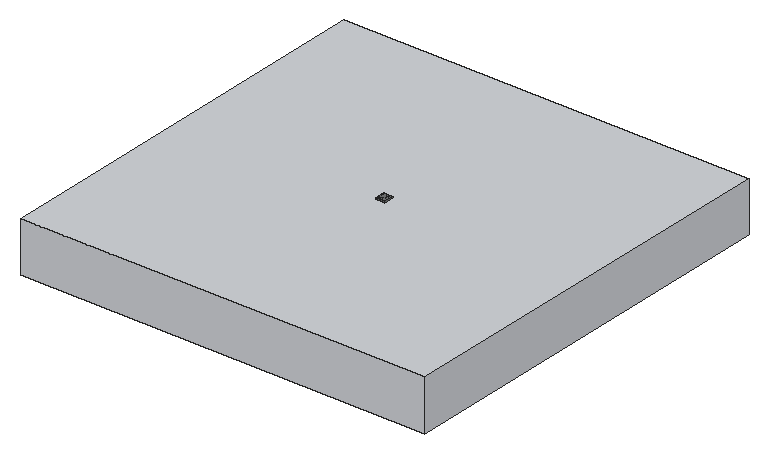
Revit family "Gira_027403", category Elektroinstallationen, Revit 2017
Family settings
  Basisbauteil = Fläche
  Beschriftungsausrichtung beibehalten = Nein
  Bemaßung runder Anschluss = Durchmesser verwenden
  Teiletyp = Normal
  Beim Laden mit Abzugskörper schneiden = Nein
  Gemeinsam genutzt = Nein
  Raumberechnungspunkt = Nein
Parameters
  Zusammenstellung = "Zentralplatte"
  Werkstoffgüte = "sonstige"
  Werkstoff = "Kunststoff"
  Verwendung = "sonstige"
  URL = "https://www.gira.de/"
  Typname = "Abd. Schnurableitung VDo System 55 Reinweiß"
  Typ Kontakt = "Öffner"
  Transparent = no
  Tragring = no
  Thermische Rückkopplung = "ohne"
  Temperatur ablesbar = no
  Sensor extern = no
  Schutzart (IP) = "IP20"
  Regelcharakteristik = "sonstige"
  RAL-Nummer (ähnlich) = 9010
  RAL-Nummer = 9010
  Produktseite = "http://katalog.gira.de/de_DE/datenblatt.html?artikelnr=027403"
  Oberfläche = "sonstige"
  Montageart = "Unterputz"
  Mit Zugentlastung = no
  Mit Trinkwasserschaltung = no
  Mit Staubschutz = no
  Mit Klappdeckel = no
  Mit Geräuschniveauanzeige = no
  Mit Empfänger = no
  Mit Display = no
  Mit Aufdruck = no
  Messbereich unterer Wert [m/s] = 5
  Messbereich oberer Wert [m/s] = 30
  Lüsterklemme = no
  Kühlen = no
  Hersteller = "Gira"
  Heizen = yes
  Halogenfrei = yes
  HAN = "027403"
  Geeignet für Schutzart (IP) = "IP20"
  GTIN = "4010337274032"
  Farbe = "weiß"
  Explosionsgeschützt = no
  Differenz verstellbar = no
  Datenblatt = "https://katalog.gira.de/de_DE/download.html?artikelnr=027403"
  Bussystem Powernet = no
  Bussystem LON = no
  Bussystem KNX-Funk = no
  Bussystem KNX = yes
  Bussystem Funkbus = no
  Beschriftungsfeld = "ohne Beschriftungsfeld"
  Beschreibung = "Abdeckung für Schnurableitung und Fernmeldeverbinderdose  Reinweiß glänzend Hinweise : - Passend für alle handelsüblichen Fernmeldeverbinderdosen."
  Befestigungsart = "Befestigung mit Schraube"
  Bedienung = "Dreh"
  Bauelement = "Sys55_Abdeckung_Schalten und Tasten"
  Default Elevation = 1219.2 mm
  BIM = "https://media.stage.bim.site/public/gira/876eb45/Sys55_Abdeckung_Schalten%20und%20Tasten.rfa?public/gira/876eb45/Sys55_Abdeckung_Schalten und Tasten.rfa"
  Ausführung der Oberfläche = "glänzend"
  Ausführung Aufnehmer/Fühler = "sonstige"
  Ausführung = "An/Aus"
  Art der Spannungsversorgung = "230 V AC"
  Anthrazit [instance] = Anthrazit
  Anschluss = "Zweidraht"
  Andere Bussysteme = "ohne"
Reference planes
  plane 1 "Center (Front/Back)": y = 0
  plane 2: z = 0
  plane 3 "Center (Left/Right)": x = 0
Forms (mm)
  Extrusion 1, solid
    sketch origin (0, 0, 0) x (1, 0, 0) y (0, 1, 0)
      loop
        line (-1219.2, 1219.2) -> (-1219.2, -1219.2) -> (1219.2, -1219.2) -> (1219.2, 1219.2) -> (-1219.2, 1219.2)
    from 0 to -304.8
  Extrusion 2, solid, material "Anthrazit" <- "Anthrazit", detail levels fine
    sketch origin (0, 0, 0) x (1, 0, 0) y (0, 1, 0)
      loop
        line (-27.5, 27.5) -> (-27.5, -27.5) -> (27.5, -27.5) -> (27.5, 27.5) -> (-27.5, 27.5)
    from 0 to 8
  Extrusion 3, void
    sketch origin (0, 0, 0) x (1, 0, 0) y (0, 1, 0)
      loop
        line (26, 26) -> (-26, 26) -> (-26, -26) -> (26, -26) -> (26, 26)
    from 0 to 6
  Extrusion 4, solid, material "Anthrazit" <- "Anthrazit", detail levels medium
    sketch origin (0, 0, 0) x (1, 0, 0) y (0, 1, 0)
      loop
        line (-27.5, 27.5) -> (-27.5, -27.5) -> (27.5, -27.5) -> (27.5, 27.5) -> (-27.5, 27.5)
    from 0 to 8
  Extrusion 5, solid, material "Anthrazit" <- "Anthrazit", detail levels medium
    sketch origin (0, 0, 0) x (1, 0, 0) y (0, 1, 0)
      loop
        line (11, -17.5) -> (11, 17.5) -> (-11, 17.5) -> (-11, -17.5) -> (11, -17.5)
    from -6 to 6
  Extrusion 6, solid, material "Anthrazit" <- "Anthrazit", detail levels fine
    sketch origin (0, 0, 0) x (1, 0, 0) y (0, 1, 0)
      loop
        line (11, 17.5) -> (-11, 17.5) -> (-11, 16.5) -> (11, 16.5) -> (11, 17.5)
      loop
        line (-11, -16.5) -> (-11, -17.5) -> (11, -17.5) -> (11, -16.5) -> (-11, -16.5)
    from -4 to 6
  Extrusion 7, solid, material "Anthrazit" <- "Anthrazit", detail levels fine
    sketch origin (0, 0, 0) x (1, 0, 0) y (0, 1, 0)
      loop
        arc (5, 9.347) -> (0, 10.6) -> (-5, 9.347) r 10.6
        line (-5, 9.347) -> (-5, -9.347)
        arc (-5, -9.347) -> (0, -10.6) -> (5, -9.347) r 10.6
        line (5, -9.347) -> (5, 9.347)
    from -6 to 6
  Extrusion 8, solid, material "Anthrazit" <- "Anthrazit", detail levels coarse
    sketch origin (0, 0, 0) x (1, 0, 0) y (0, 1, 0)
      loop
        line (-27.5, 27.5) -> (-27.5, -27.5) -> (27.5, -27.5) -> (27.5, 27.5) -> (-27.5, 27.5)
    from -6 to 8
Cuts and joins
  Extrusion 3 cuts Extrusion 2
Dimensions and locks
  aligned and locked: plane 2 to Extrusion 1
  aligned and locked: level to Extrusion 1
